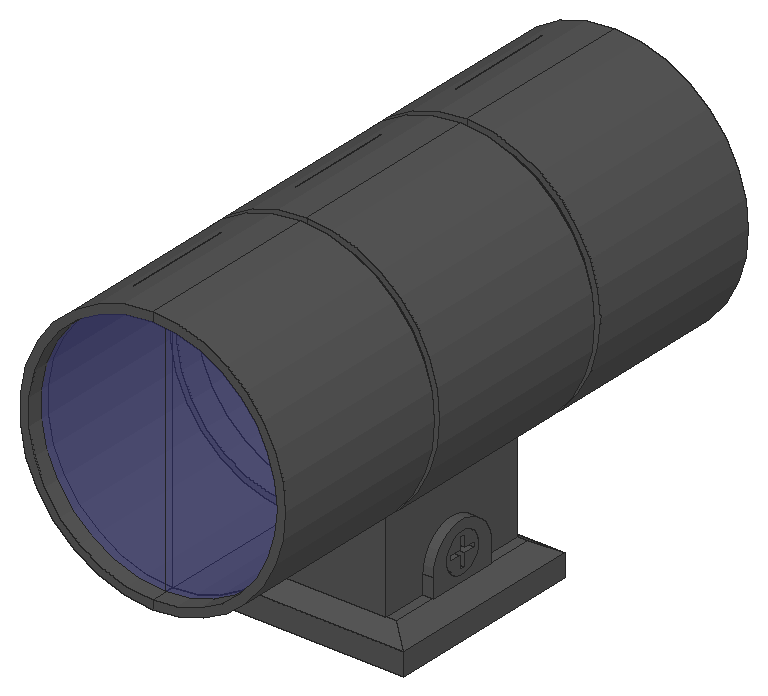
Revit family "CARLO CYLINDER LIGHT WALL MOUNT", category Lighting Fixtures, host Face, Revit 2020 (continued)
Types (10): name | Wattage_Input | Wattage Comments | Wattage | Photometric Web File | built-in parameter 1150142 | Model | built-in parameter 1150105 | Lumens | Light Length 1 | LIGHT RADIUS | LIGHT PLACEMENT | LIGHT LENGTH | LIGHT DIA | built-in parameter 1150106 | FIXED END HEIGHT | Curve base Height | Base Curve | BEAMING ANGLE | Apparent Load
    .45 783.78 \r\n 762.43 743.1 725.58 709.8 695.07 680.7 666.69 652.75 639.08 625.79 \r\n 612.93 600.67 588.72 576.9 565.12 553.11 541.25 530.48 518.78 504.93 \r\n 487.41 463.39 435.56 405.49 373.71 341.25 308.26 275.25 242.08 208.3 \r\n 175.42 144.54 116.55 92.892 73.095 56.932 45.145 39.571 36.7 33.275 \r\n 30.369 28.132 26.078 23.529 21.213 19.8 18.787 17.891 17.126 16.407 \r\n 15.75 15.149 14.591 14.048 13.551 13.128 12.751 12.397 12.073 11.783 \r\n 11.517 11.27 11.04 10.823 10.625 10.462 10.297 10.084 9.8698 9.7034 \r\n 9.5299 9.2966 9.0445 8.8011 8.5538 8.2977 8.0367 7.7725 7.5065 7.24 \r\n 6.9741 6.7094 6.4478 6.1913 5.9391 5.69 5.4468 5.2168 4.9848 4.732 \r\n 4.4769 4.229 3.9971 3.8047 3.6164 3.392 3.1689 2.9821 2.7989 2.5874 \r\n 2.3804 2.2075 2.0471 1.8881 1.7292 1.5595 1.3963 1.261 1.1313 0.9844 \r\n 0.84396 0.73185 0.6303 0.52473 0.42755 0.34976 0.28096 0.211 0.15012 0.10954 \r\n 0.084432 0.080587 0.096887 0.14039 0.19235 0.25521 0.32515 0.39842 0.47965 0.57253 \r\n 0.67612 0.79214 0.91637 1.0454 1.1785 1.312 1.4521 1.606 1.7666 1.928 \r\n 2.0932 2.2617 2.4391 2.6402 2.845 3.0319 3.2211 3.4299 3.645 3.8518 \r\n 4.0709 4.3302 4.5931 4.8225 5.0482 5.2911 5.5407 5.793 6.0497 6.3124 \r\n 6.5782 6.8472 7.1121 7.3615 7.6085 7.8687 8.1229 8.3534 8.5708 8.7816 \r\n 8.9808 9.164 9.3364 9.4996 9.6604 9.8284 9.9968 10.156 10.324 10.517 \r\n 10.732 10.969 11.236 11.549 11.895 12.268 12.663 13.067 13.496 13.962 \r\n 14.473 15.045 15.661 16.287 16.979 17.768 18.691 19.809 21.086 22.483 \r\n 24.082 25.878 28.101 30.967 34.518 38.066 44.01 54.38 69.59 92.059 \r\n 117.81 142.75 169.64 200.46 233.41 267.57 302.19 336.29 369.59 401.79 \r\n 431.95 459.38 483.1 501.02 515.82 529.43 542.06 554.61 566.96 579.3 \r\n 591.59 603.72 616.13 629.49 643.1 656.19 669.63 684.18 699.41 714.93 \r\n 731.39 749.21 768.7 790.45 813.99 839.58 865.67 890.65 914.88 938.18 \r\n 960.49 981.67 1001.8 1021 1039.2 1056.5 1072.9 1088.5 1103.5 1118.1 \r\n 1132.1 1145.3 1157.9 1170.2 1182.1 1193.6 1204.7 1215.2 1225.4 1235.7 \r\n 1245.7 1255.1 1264.6 1275.2 1286.1 1296.5 1306.5 1315.7 1324.3 1331.8 \r\n 1338.6 1345.2 1351 1355.4 1359 1362.3 1364.9 1366.7 1368.1 1369.8 \r\n 1371.8 1374.3 1377 1380.1 1383.2 1386 1388.4 1389.9 1390.7 1391.2 \r\n 1412.7 \r\n1391.1 1402 1402.8 1403.2 1403.2 1402.4 1401.1 1399.3 1396.9 1393.4 \r\n 1389.7 1386.5 1383.9 1382.1 1380.6 1379.1 1377.1 1374.1 1370.2 1365.6 \r\n 1360 1353.2 1345.6 1337.8 1329.5 1320.7 1311 1299.9 1288.3 1277.1 \r\n 1266.2 1255.8 1245.8 1235.9 1225.9 1215.2 1204.1 1192.7 1180.6 1167.5 \r\n 1153.9 1140.1 1126.2 1112.5 1098.4 1083.4 1067.9 1052.2 1035.8 1017.9 \r\n 998.72 978.45 956.98 934.39 910.35 884.26 857.06 828.76 801.61 778.44 \r\n 757.61 738.44 720.97 705.23 690.53 676.24 662.31 648.4 634.74 621.35 \r\n 608.45 596.4 584.71 572.96 561.22 549.31 537.57 527.05 515.42 501.09 \r\n 482.96 458.56 430.4 399.91 367.84 335.41 302.62 269.92 237.15 203.77 \r\n 171.31 140.97 113.22 88.461 68.022 53.943 44.488 39.301 36.286 32.961 \r\n 30.13 27.912 25.874 23.398 21.156 19.771 18.769 17.881 17.121 16.405 \r\n 15.752 15.155 14.6 14.064 13.572 13.149 12.769 12.416 12.095 11.812 \r\n 11.553 11.304 11.07 10.852 10.651 10.483 10.313 10.1 9.8848 9.7157 \r\n 9.5372 9.2947 9.0331 8.7843 8.5326 8.2707 8.0048 7.7393 7.4728 7.2046 \r\n 6.9376 6.675 6.4153 6.1581 5.9037 5.6494 5.4034 5.1819 4.9588 4.7039 \r\n 4.4456 4.2018 3.9736 3.7779 3.5853 3.3609 3.1389 2.9527 2.7705 2.5603 \r\n 2.3553 2.1857 2.0284 1.8705 1.7114 1.5405 1.3755 1.2369 1.1056 0.96336 \r\n 0.82803 0.71579 0.61306 0.50813 0.41162 0.33312 0.26397 0.19613 0.13738 0.095885 \r\n 0.065279 0.065876 0.086469 0.12707 0.17433 0.23597 0.30429 0.37125 0.44625 0.53809 \r\n 0.64055 0.74967 0.86747 0.99698 1.1312 1.2605 1.3955 1.5459 1.7038 1.8646 \r\n 2.0286 2.1909 2.3634 2.57 2.7794 2.9568 3.1369 3.3526 3.5756 3.7789 \r\n 3.9926 4.2506 4.515 4.7525 4.9843 5.22 5.461 5.7133 5.9724 6.2366 \r\n 6.5041 6.7765 7.0428 7.2847 7.5257 7.7919 8.0565 8.2989 8.5268 8.7401 \r\n 8.9422 9.1387 9.323 9.4834 9.6397 9.8141 9.9878 10.141 10.299 10.478 \r\n 10.679 10.903 11.158 11.453 11.783 12.153 12.544 12.927 13.333 13.785 \r\n 14.284 14.843 15.441 16.038 16.694 17.444 18.319 19.359 20.565 21.958 \r\n 23.526 25.156 27.176 29.897 33.253 36.682 41.976 50.133 62.964 84.39 \r\n 109.08 131.6 156.22 186.3 219.19 253.73 288.85 322.96 356.38 389.19 \r\n 420.42 449.64 475.3 494.8 510.77 524.78 537.47 550.01 562.29 574.66 \r\n 586.92 598.72 610.8 624.1 637.63 650.34 663.38 677.81 692.96 708.3 \r\n 724.48 741.87 760.79 781.66 804.52 830.21 856.68 882.01 906.65 930.49 \r\n 953.35 974.97 995.5 1015 1033.5 1050.9 1067.4 1083.3 1098.4 1113.2 \r\n 1127.3 1140.4 1152.9 1165.2 1177.3 1189 1200.4 1211.2 1221.6 1231.8 \r\n 1241.6 1250.6 1259.8 1270.5 1281.5 1292.3 1302.7 1312.4 1321.3 1329.1 \r\n 1336.2 1343.1 1349.3 1354.1 1358.2 1362.1 1365.2 1367.1 1368.5 1370 \r\n 1371.6 1374 1376.6 1379.5 1382.5 1385.7 1388.4 1390.1 1391.2 1391.7 \r\n 1412.7 \r\n1391.1 1401.3 1402 1402.3 1402 1401.2 1399.8 1397.7 1395.1 1391.6 \r\n 1388 1385.2 1382.8 1381.1 1379.6 1378 1376 1372.8 1368.7 1363.8 \r\n 1358 1351 1343.2 1335.2 1326.7 1317.6 1307.7 1296.5 1284.9 1273.9 \r\n 1263.2 1252.9 1242.8 1232.9 1222.8 1211.9 1200.6 1189.1 1177.1 1163.9 \r\n 1150.1 1136.2 1122.2 1108.5 1094.4 1079.2 1063.4 1047.4 1030.6 1012.4 \r\n 992.98 972.44 950.64 927.54 903.02 876.57 849.27 821.38 794.86 772.28 \r\n 752.02 733.33 716.23 700.64 686.03 671.88 658.08 644.3 630.75 617.43 \r\n 604.58 592.58 580.89 569.08 557.27 545.35 533.53 522.77 510.62 495.14 \r\n 475.77 450.55 421.78 390.8 358.43 325.95 293.25 260.52 228.11 196.22 \r\n 165.46 136.41 109.4 83.967 63.088 50.854 43.421 38.608 35.523 32.376 \r\n 29.685 27.471 25.434 23.101 21.013 19.688 18.713 17.843 17.092 16.385 \r\n 15.737 15.142 14.59 14.066 13.584 13.162 12.782 12.432 12.115 11.838 \r\n 11.584 11.336 11.102 10.887 10.688 10.508 10.327 10.118 9.9065 9.7273 \r\n 9.5354 9.2831 9.0138 8.7609 8.5058 8.2374 7.9658 7.6988 7.432 7.1617 \r\n 6.8927 6.6296 6.37 6.1131 5.8582 5.5999 5.3508 5.1322 4.9125 4.6567 \r\n 4.3974 4.1572 3.9313 3.729 3.5305 3.3114 3.0956 2.9065 2.7213 2.516 \r\n 2.317 2.1491 1.992 1.833 1.6736 1.5065 1.3448 1.2034 1.07 0.93417 \r\n 0.80566 0.6932 0.58947 0.48784 0.39489 0.31674 0.24815 0.18492 0.12998 0.085489 \r\n 0.049569 0.050343 0.071689 0.11042 0.15585 0.21516 0.28115 0.34608 0.41881 0.50759 \r\n 0.60648 0.71083 0.82497 0.95555 1.091 1.2174 1.3481 1.4932 1.6472 1.8102 \r\n 1.9762 2.1332 2.3003 2.5087 2.7201 2.8924 3.0674 3.2841 3.5093 3.7127 \r\n 3.9249 4.1764 4.4367 4.6824 4.922 5.1525 5.3859 5.6361 5.8949 6.1593 \r\n 6.4276 6.7012 6.9681 7.2081 7.4467 7.7111 7.9763 8.2264 8.4615 8.6718 \r\n 8.8709 9.075 9.2662 9.4226 9.5728 9.7454 9.9184 10.072 10.228 10.401 \r\n 10.595 10.817 11.068 11.353 11.673 12.041 12.43 12.804 13.199 13.643 \r\n 14.132 14.681 15.265 15.846 16.482 17.21 18.053 19.035 20.186 21.566 \r\n 23.109 24.655 26.554 29.126 32.297 35.686 40.54 47.071 58.003 78.025 \r\n 101.45 122.6 146.14 175.84 208.67 243.25 278.46 312.48 345.92 379.11 \r\n 411.09 441.61 468.82 490.04 507.42 521.77 534.38 546.87 559.08 571.51 \r\n 583.82 595.56 607.56 620.89 634.43 647 659.89 674.23 689.24 704.28 \r\n 720.06 737.03 755.43 775.56 797.75 823.16 849.6 875.19 900.2 924.3 \r\n 947.45 969.43 990.34 1010.2 1029 1046.6 1063.4 1079.4 1094.8 1109.8 \r\n 1124.1 1137.3 1149.9 1162.5 1174.7 1186.8 1198.4 1209.4 1219.9 1230.1 \r\n 1239.8 1248.7 1257.8 1268.5 1279.6 1290.5 1301 1310.8 1319.8 1327.8 \r\n 1335.1 1342.2 1348.5 1353.7 1358.1 1362.3 1365.6 1367.5 1368.8 1370.2 \r\n 1371.8 1374.2 1377 1379.9 1382.9 1386.2 1389 1391 1392.2 1392.7 \r\n 1412.7 \r\n1391.1 1400.7 1401.2 1401.1 1400.5 1399.6 1398.1 1395.8 1393 1389.7 \r\n 1386.4 1383.8 1381.6 1380 1378.5 1376.8 1374.6 1371.1 1366.8 1361.7 \r\n 1355.7 1348.3 1340.2 1331.9 1323.1 1313.5 1303.3 1292.1 1280.8 1270.1 \r\n 1259.6 1249.5 1239.4 1229.5 1219.2 1208.2 1196.6 1185 1172.7 1159.4 \r\n 1145.6 1131.7 1117.7 1103.7 1089.3 1073.8 1057.7 1041.3 1023.9 1005.2 \r\n 985.4 964.55 942.43 918.79 893.75 866.93 839.65 812.68 787.29 765.4 \r\n 745.75 727.85 711.41 696.08 681.61 667.65 654.05 640.47 627.12 614.05 \r\n 601.34 589.19 577.27 565.28 553.27 541.26 529.15 517.67 504.4 487.1 \r\n 465.89 439.45 409.79 378.27 345.6 312.98 280.24 247.15 215.06 185.66 \r\n 157.8 130.72 104.99 79.448 58.447 47.751 41.933 37.48 34.417 31.52 \r\n 29.029 26.807 24.761 22.634 20.772 19.541 18.611 17.77 17.032 16.338 \r\n 15.698 15.105 14.557 14.048 13.581 13.164 12.786 12.44 12.128 11.856 \r\n 11.608 11.362 11.131 10.925 10.73 10.535 10.339 10.136 9.9321 9.7356 \r\n 9.5228 9.2605 8.9853 8.7299 8.4725 8.1971 7.9189 7.6506 7.3835 7.1107 \r\n 6.8388 6.573 6.3116 6.0561 5.8024 5.5418 5.2895 5.0678 4.846 4.5904 \r\n 4.3325 4.0953 3.8702 3.6585 3.453 3.2443 3.0393 2.8441 2.6522 2.4551 \r\n 2.2655 2.0976 1.9379 1.776 1.616 1.4575 1.3044 1.1608 1.0252 0.89704 \r\n 0.77669 0.66405 0.55966 0.46388 0.37728 0.3007 0.23367 0.17734 0.12772 0.078545 \r\n 0.03788 0.034284 0.052498 0.090669 0.13714 0.19303 0.25603 0.32318 0.39756 0.48133 \r\n 0.5743 0.67608 0.78936 0.92139 1.058 1.1829 1.3101 1.4485 1.5977 1.7652 \r\n 1.9361 2.0891 2.2509 2.4571 2.6672 2.8393 3.0135 3.2254 3.4467 3.6538 \r\n 3.8682 4.1088 4.3596 4.6129 4.8616 5.089 5.3165 5.5628 5.8186 6.0819 \r\n 6.3498 6.6223 6.8889 7.1327 7.3729 7.6281 7.8843 8.1374 8.3759 8.5784 \r\n 8.7692 8.9745 9.1674 9.3191 9.4621 9.6246 9.7907 9.9499 10.114 10.288 \r\n 10.482 10.71 10.967 11.249 11.564 11.932 12.322 12.698 13.095 13.534 \r\n 14.017 14.557 15.134 15.711 16.343 17.064 17.89 18.836 19.948 21.302 \r\n 22.824 24.365 26.224 28.647 31.641 35.015 39.605 45.165 54.758 73.027 \r\n 94.978 115.9 139.58 169.24 201.96 236.23 271.1 304.92 338.32 371.66 \r\n 404.06 435.34 463.66 486.71 505.7 520.35 532.81 545.22 557.36 569.86 \r\n 582.3 594.22 606.41 619.86 633.49 646.19 659.15 673.45 688.28 702.88 \r\n 718.16 734.7 752.65 772.17 793.73 818.47 844.46 870.2 895.51 919.61 \r\n 942.78 965.06 986.35 1006.5 1025.6 1043.7 1060.9 1077 1092.4 1107.8 \r\n 1122.6 1136.1 1149 1161.8 1174.4 1186.7 1198.6 1209.7 1220.3 1230.4 \r\n 1240.1 1249.2 1258.6 1269.3 1280.3 1291 1301.2 1310.9 1319.9 1327.9 \r\n 1335.3 1342.4 1348.8 1354.1 1358.7 1362.9 1366.1 1367.9 1369.1 1370.6 \r\n 1372.4 1375 1378.1 1381.2 1384.3 1387.5 1390.3 1392.3 1393.6 1394.1 \r\n 1412.7 \r\n1391.1 1400 1400.4 1399.9 1398.9 1397.8 1396.3 1393.8 1390.8 1387.7 \r\n 1384.7 1382.3 1380.3 1378.8 1377.3 1375.5 1373 1369.3 1364.7 1359.4 \r\n 1353.1 1345.5 1337.1 1328.5 1319.4 1309.4 1298.8 1287.8 1276.7 1266.3 \r\n 1256.1 1246.1 1236.1 1226.1 1215.7 1204.4 1192.7 1180.8 1168.3 1155 \r\n 1141.1 1127.2 1113 1098.8 1084 1068.3 1051.8 1034.8 1016.9 997.7 \r\n 977.39 956.19 933.72 909.55 884.04 856.89 829.69 803.79 779.66 758.49 \r\n 739.47 722.39 706.65 691.61 677.27 663.5 650.09 636.71 623.56 610.74 \r\n 598.17 585.84 573.63 561.41 549.18 537.04 524.58 512.18 497.54 478.27 \r\n 455.09 427.37 396.83 364.78 331.82 299.04 266.23 232.75 201.01 174.17 \r\n 149.33 124.37 100.11 74.888 54.104 44.812 40.378 36.259 33.24 30.596 \r\n 28.31 26.082 24.029 22.126 20.506 19.373 18.489 17.678 16.955 16.275 \r\n 15.645 15.056 14.511 14.018 13.567 13.155 12.78 12.439 12.132 11.866 \r\n 11.621 11.378 11.151 10.955 10.765 10.554 10.342 10.149 9.9518 9.7371 \r\n 9.5025 9.2316 8.9521 8.6945 8.435 8.1535 7.8696 7.6 7.3323 7.0569 \r\n 6.7821 6.5134 6.2502 5.996 5.7437 5.4816 5.2263 4.9999 4.7743 4.5195 \r\n 4.2639 4.0296 3.8048 3.5837 3.3711 3.1737 2.9802 2.7782 2.5789 2.3907 \r\n 2.2111 2.0426 1.8795 1.7145 1.5542 1.4054 1.2618 1.1165 0.9786 0.8582 \r\n 0.74601 0.63332 0.52855 0.43907 0.35926 0.28451 0.21923 0.16986 0.12566 0.072191 \r\n 0.027035 0.018606 0.033248 0.071282 0.11919 0.17152 0.23147 0.30161 0.37836 0.45683 \r\n 0.54353 0.64329 0.75619 0.88908 1.0265 1.1503 1.2749 1.4067 1.5508 1.7225 \r\n 1.8981 2.0481 2.2055 2.408 2.6156 2.7892 2.9643 3.17 3.3858 3.5973 \r\n 3.8149 4.0439 4.2839 4.5437 4.8009 5.0266 5.2494 5.4913 5.7432 6.0052 \r\n 6.2724 6.5427 6.8083 7.0574 7.3006 7.5456 7.7907 8.0448 8.2848 8.4795 \r\n 8.6621 8.8666 9.0594 9.2072 9.344 9.4951 9.6531 9.819 9.9932 10.17 \r\n 10.368 10.604 10.867 11.148 11.461 11.829 12.22 12.601 13.002 13.439 \r\n 13.916 14.448 15.018 15.597 16.229 16.947 17.764 18.682 19.762 21.087 \r\n 22.588 24.149 25.995 28.274 31.108 34.517 38.95 43.796 52.253 68.628 \r\n 88.988 110 134.17 163.74 196.2 230.02 264.45 298.04 331.36 364.78 \r\n 397.47 429.28 458.52 483.37 504.03 519.1 531.54 543.91 555.99 568.57 \r\n 581.18 593.35 605.79 619.36 633.11 646 659.09 673.35 687.99 702.17 \r\n 716.94 733.1 750.62 769.59 790.51 814.43 839.77 865.58 891.12 915.17 \r\n 938.33 960.9 982.55 1003 1022.5 1041.1 1058.6 1074.8 1090.4 1106.2 \r\n 1121.4 1135.3 1148.5 1161.7 1174.6 1187.1 1199.2 1210.5 1221.2 1231.3 \r\n 1240.9 1250.4 1260.1 1270.8 1281.7 1292 1302 1311.4 1320.2 1328.4 \r\n 1335.9 1342.9 1349.2 1354.7 1359.5 1363.5 1366.6 1368.2 1369.3 1371 \r\n 1373 1376 1379.3 1382.7 1385.9 1389 1391.7 1393.8 1395.1 1395.5 \r\n 1412.7 \r\n1391.1 1399.3 1399.4 1398.5 1397.1 1396 1394.4 1391.7 1388.6 1385.7 \r\n 1382.9 1380.7 1378.9 1377.5 1376 1374 1371.2 1367.3 1362.4 1356.9 \r\n 1350.5 1342.6 1334 1325.1 1315.7 1305.3 1294.4 1283.6 1272.9 1262.7 \r\n 1252.8 1242.9 1232.9 1222.9 1212.4 1200.9 1188.9 1176.7 1164.1 1150.7 \r\n 1136.8 1122.9 1108.6 1094 1078.9 1062.8 1045.9 1028.4 1009.9 990.12 \r\n 969.31 947.72 924.87 900.2 874.28 846.86 819.82 795.04 772.22 751.8 \r\n 733.4 717.1 702.03 687.26 673.05 659.45 646.19 632.99 620.02 607.42 \r\n 594.97 582.44 569.93 557.46 544.99 532.73 519.87 506.4 490.26 468.96 \r\n 443.82 414.88 383.52 350.98 317.75 284.78 251.88 218.09 186.72 162.26 \r\n 140.25 117.36 94.715 70.31 50.18 42.145 38.831 35.017 32.059 29.652 \r\n 27.558 25.33 23.282 21.603 20.224 19.188 18.349 17.567 16.86 16.195 \r\n 15.576 14.99 14.451 13.973 13.538 13.132 12.76 12.425 12.124 11.862 \r\n 11.621 11.381 11.158 10.972 10.787 10.562 10.336 10.151 9.9612 9.7291 \r\n 9.474 9.1963 8.9144 8.6548 8.3932 8.107 7.8185 7.5477 7.2793 7.0012 \r\n 6.7235 6.4525 6.1879 5.9347 5.6834 5.4207 5.1633 4.9311 4.7007 4.4474 \r\n 4.1948 3.9632 3.7387 3.5088 3.2899 3.1034 2.9211 2.7122 2.5056 2.3259 \r\n 2.1561 1.9866 1.8199 1.6523 1.4921 1.3529 1.2187 1.0721 0.93249 0.81925 \r\n 0.71463 0.60215 0.49735 0.41405 0.34088 0.26813 0.20466 0.16165 0.12252 0.065894 \r\n 0.017365 0.0043132 0.015296 0.053197 0.10242 0.15129 0.20828 0.28134 0.36042 0.43375 \r\n 0.51437 0.61232 0.72479 0.85765 0.99494 1.1182 1.2409 1.3668 1.5061 1.6806 \r\n 1.8597 2.0081 2.1624 2.36 2.564 2.7405 2.9179 3.117 3.3265 3.5427 \r\n 3.7637 3.9815 4.2107 4.4751 4.7394 4.9648 5.1848 5.4222 5.6698 5.9302 \r\n 6.1965 6.4636 6.7277 6.9828 7.2301 7.4655 7.6997 7.9527 8.1926 8.381 \r\n 8.5571 8.7593 8.9507 9.0963 9.2289 9.3687 9.5183 9.6911 9.8756 10.057 \r\n 10.259 10.503 10.773 11.054 11.366 11.731 12.122 12.511 12.918 13.353 \r\n 13.824 14.348 14.912 15.493 16.13 16.847 17.657 18.554 19.607 20.899 \r\n 22.376 23.967 25.815 27.959 30.648 34.11 38.449 42.797 50.303 64.701 \r\n 83.379 104.66 129.48 158.82 190.81 224.1 258.04 291.39 324.62 358.07 \r\n 390.96 423.13 453.11 479.66 501.98 517.67 530.29 542.68 554.72 567.4 \r\n 580.18 592.64 605.35 619.03 632.87 645.99 659.26 673.47 687.9 701.69 \r\n 716.02 731.83 748.96 767.41 787.69 810.67 835.23 860.99 886.7 910.7 \r\n 933.87 956.71 978.73 999.55 1019.4 1038.4 1056.4 1072.8 1088.5 1104.6 \r\n 1120.2 1134.5 1148.2 1161.7 1174.9 1187.7 1199.9 1211.4 1222.2 1232.2 \r\n 1241.9 1251.7 1261.7 1272.4 1283.1 1293.2 1302.8 1312 1320.7 1328.9 \r\n 1336.5 1343.4 1349.6 1355.3 1360.2 1364.1 1367 1368.5 1369.6 1371.4 \r\n 1373.7 1376.9 1380.5 1384.1 1387.5 1390.5 1393.1 1395.2 1396.6 1396.9 \r\n 1412.7 \r\n1391.1 1398.4 1398.3 1397.1 1395.3 1394 1392.3 1389.5 1386.4 1383.6 \r\n 1381.1 1379 1377.3 1376 1374.5 1372.3 1369.2 1365.1 1360.1 1354.4 \r\n 1347.7 1339.7 1330.9 1321.9 1312.2 1301.5 1290.4 1279.8 1269.4 1259.5 \r\n 1249.8 1240 1230.1 1220 1209.4 1197.7 1185.5 1173 1160.2 1146.8 \r\n 1132.9 1118.9 1104.5 1089.6 1074 1057.6 1040.3 1022.2 1003.1 982.85 \r\n 961.54 939.49 916.22 891.13 864.9 837.29 810.44 786.76 765.21 745.53 \r\n 727.75 712.13 697.62 683.09 668.99 655.5 642.35 629.28 616.43 603.98 \r\n 591.59 578.89 566.11 553.42 540.71 528.33 515.08 500.45 482.74 459.5 \r\n 432.53 402.52 370.48 337.52 304.05 270.87 237.88 203.92 172.96 150.41 \r\n 130.73 109.73 88.757 65.741 46.793 39.857 37.363 33.821 30.
    94 28.734 \r\n 26.801 24.588 22.563 21.093 19.935 18.988 18.189 17.435 16.743 16.094 \r\n 15.486 14.907 14.375 13.911 13.491 13.091 12.724 12.396 12.101 11.842 \r\n 11.603 11.366 11.147 10.969 10.789 10.554 10.318 10.14 9.9558 9.709 \r\n 9.4368 9.1549 8.8723 8.6106 8.3469 8.0577 7.7665 7.4945 7.225 6.9444 \r\n 6.6642 6.3921 6.127 5.8741 5.6231 5.3609 5.1024 4.8644 4.629 4.3774 \r\n 4.1284 3.8992 3.675 3.4382 3.2143 3.0373 2.8644 2.6494 2.4365 2.2642 \r\n 2.1028 1.9323 1.7623 1.5929 1.4336 1.3028 1.1771 1.0298 0.88898 0.78178 \r\n 0.68356 0.57167 0.46732 0.38951 0.32219 0.25148 0.18981 0.15187 0.11699 0.059115 \r\n 0.0092012 0 0.000086 0.037353 0.087212 0.13296 0.18727 0.26238 0.34297 0.41173 \r\n 0.48696 0.58301 0.69453 0.82609 0.96228 1.0854 1.207 1.3283 1.4633 1.6383 \r\n 1.8188 1.9672 2.12 2.3121 2.5117 2.6931 2.8727 3.0657 3.269 3.4892 \r\n 3.7133 3.9215 4.1411 4.4078 4.6767 4.9034 5.1226 5.356 5.5991 5.8583 \r\n 6.1235 6.3867 6.6485 6.9095 7.1615 7.3898 7.615 7.8652 8.1035 8.2888 \r\n 8.4615 8.6608 8.8499 8.9956 9.1268 9.2572 9.3993 9.5776 9.7708 9.9575 \r\n 10.163 10.412 10.687 10.968 11.279 11.641 12.03 12.426 12.839 13.271 \r\n 13.736 14.251 14.808 15.392 16.033 16.75 17.552 18.434 19.463 20.715 \r\n 22.162 23.778 25.631 27.654 30.213 33.711 37.978 42.003 48.723 61.117 \r\n 78.05 99.656 125.11 153.96 185.21 217.92 251.4 284.51 317.66 351.12 \r\n 384.17 416.56 447.13 475.22 499.14 515.69 528.79 541.28 553.29 566.08 \r\n 579.02 591.76 604.73 618.48 632.37 645.72 659.17 673.32 687.54 701.03 \r\n 714.99 730.49 747.25 765.22 784.86 806.83 830.53 856.11 881.9 905.9 \r\n 929.16 952.27 974.64 995.8 1016 1035.5 1053.9 1070.4 1086.4 1102.8 \r\n 1118.8 1133.5 1147.6 1161.4 1174.9 1187.8 1200.2 1211.9 1222.8 1232.9 \r\n 1242.7 1252.8 1263 1273.7 1284.1 1294 1303.4 1312.4 1321 1329.2 \r\n 1336.8 1343.7 1349.9 1355.7 1360.6 1364.4 1367.2 1368.6 1369.8 1371.7 \r\n 1374.3 1377.7 1381.5 1385.3 1388.9 1391.8 1394.3 1396.5 1397.9 1398.2 \r\n 1412.7 \r\n" | "CCL6-13-35SPSW8-PC-60-WM-BK" | 1456.5 (stored number, unit not read) | 2900 lm | 0' - 4.33333" | 0' - 3" | 0' - 5 53/128" | 1' - 1" | 0' - 6" | 14.565 (stored number, unit not read) | 0' - 8 53/128" | 0' - 2 27/32" | 0' - 2 179/256" | 60.00° | 43.75 VA
